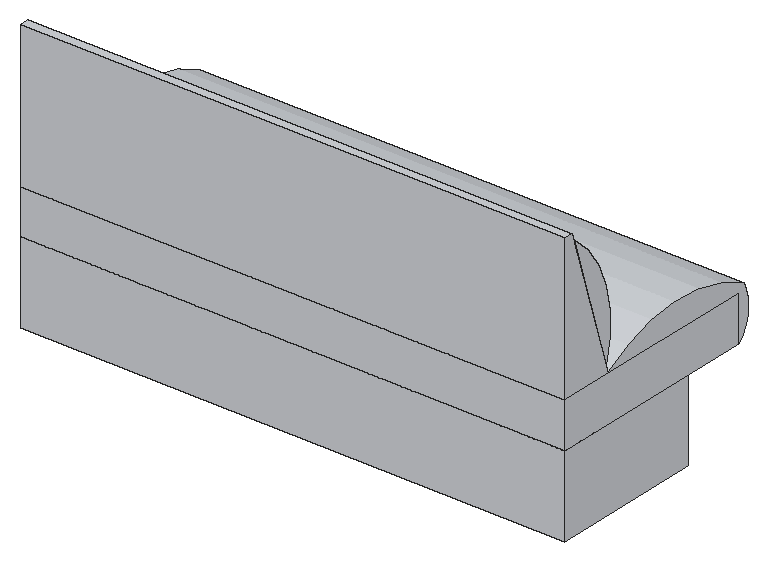
Revit family "Restaurant Booth", category Furniture, Revit 2013
Reference planes (in)
  plane 1 "Center Front/Back": y = 0
  plane 2: z = 0
  plane 3 "Center Left/Right": x = 0
Forms (in)
  Extrusion 1, solid
    sketch origin (0, 0, 0) x (1, 0, 0) y (0, 1, 0)
      loop
        line (0, 0) -> (60, 0) -> (60, 17) -> (0, 17) -> (0, 0)
    from 0 to 9
  Extrusion 2, solid
    sketch origin (0, 0, 0) x (1, 0, 0) y (0, 1, 0)
      loop
        line (0, 0) -> (60, 0) -> (60, 24) -> (0, 24) -> (0, 0)
    from 9 to 14
  Blend 3, solid
    base sketch origin (0, 0, 0) x (1, 0, 0) y (0, 1, 0)
      loop
        line (0, 0) -> (60, 0) -> (60, 6.01899) -> (0, 6.01899) -> (0, 0)
    top sketch origin (0, 0, 0) x (1, 0, 0) y (0, 1, 0)
      loop
        line (0, 0) -> (60, 0) -> (60, 1) -> (0, 1) -> (0, 0)
    from 14 to 30
  Sweep 4, solid
    path origin (0, 0, 0) x (1, 0, 0) y (0, 1, 0)
      loop
        line (0, 14.01899) -> (60, 14.01899)
    profile origin (30, 14.01899, 0) x (0, 1, 0) y (0, 0, 1)
      loop
        arc (9.98101, 9) -> (11.3069, 11.73308) -> (10.68812, 14.70711) r 4.70915
        arc (10.68812, 14.70711) -> (1.2435, 17.01138) -> (-8, 14) r 17.76698
        line (-8, 14) -> (9.98101, 14) -> (9.98101, 9)
      loop
        arc (-8.25341, 14.80785) -> (-8.2421, 22.74319) -> (-12.78382, 29.25031) r 13.19626
        line (-12.78382, 29.25031) -> (-8.25341, 14.80785)
Dimensions and locks (in)
  aligned and locked: level to plane 2
